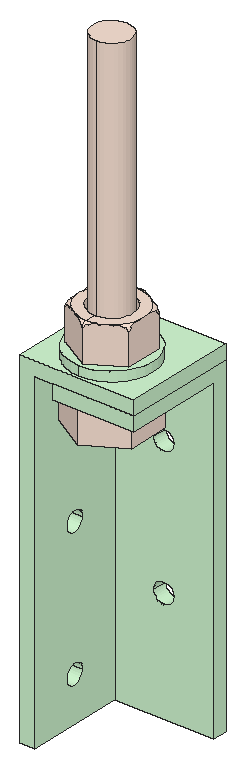
Revit family "ブレースエッジボルト", category 機械設備, Revit 2020
Family settings
  丸型コネクタ寸法 = 直径を使用
  種別 = なし
  パーツ タイプ = 標準
  作業面ベース = いいえ
  常に垂直 = はい
  ロード時にボイドで切り取り = いいえ
  共有 = いいえ
  部屋計算ポイント = いいえ
Parameters
  製造元 = "株式会社桐井製作所"
  既定の高さ = 0 mm
  URL = "https://www.kirii.co.jp/"
  K_品名 = "ブレースエッジボルト"
  K_名称 = "斜め部材(ブレース)上部取付金具"
  K_備考 = "対象組み合わせパーツ:BKGスライドⅡ"
  K_バージョン情報 = "20250901"
Reference planes
  plane 1 "中心(正面/背面)": y = 0
  plane 2: z = 0
  plane 3 "中心(左/右)": x = 0
Forms (mm)
  Extrusion 1, void
    sketch origin (0, -5.5, 0) x (1, 0, 0) y (0, 1, 0)
      loop
        circle (0, -10) r 5
    from 69.774 to 73
  Extrusion 2, solid
    sketch origin (-12.5, -210.801, -44.148) x (0, 1, 0) y (0, 0, 1)
      loop
        line (210.801, 117.148) -> (185.801, 117.148) -> (185.801, 113.948) -> (207.601, 113.948) -> (207.601, 44.148) -> (210.801, 44.148) -> (210.801, 117.148)
    from 3.2 to 25
  Extrusion 3, solid
    sketch origin (-38.604, 0, -1.985) x (1, 0, 0) y (0, 0, 1)
      loop
        line (26.104, 1.985) -> (29.304, 1.985) -> (29.304, 74.985) -> (51.104, 74.985) -> (51.104, 78.185) -> (26.104, 78.185) -> (26.104, 1.985)
    from 0 to 25
  Extrusion 4, void
    sketch origin (0, 0, -1.985) x (1, 0, 0) y (0, 0, 1)
      loop
        line (-9.3, 74.985) -> (-9.3, 71.759) -> (-5.3, 71.759) -> (-5.3, 74.985) -> (-9.3, 74.985)
    from 3.2 to 25
  Extrusion 5, void
    sketch origin (0, 0, -1.985) x (1, 0, 0) y (0, 0, 1)
      loop
        circle (1.6, 26.754) r 2.277
      loop
        circle (1.6, 56.785) r 2.254
    from 0 to 3.2
  Extrusion 6, void
    sketch origin (0, 0, 0) x (0, 1, 0) y (0, 0, 1)
      loop
        circle (-14.1, 39.8) r 2.25
      loop
        circle (-14.1, 9.8) r 2.25
    from -12.5 to -9.3
Cuts and joins
  Extrusion 1, Extrusion 4, Extrusion 5 cuts Extrusion 2
  Extrusion 1, Extrusion 6 cuts Extrusion 3
Dimensions and locks
  aligned and locked: level to plane 2
Nested families
  nested 1: "平座金(M10用）" at (0, -15.5, 78.2) x (0, 1, 0) z (1, 0, 0), type "平座金(M10用）"
  nested 2: "ナット" at (0, -15.5, 78.2) x (0, -1, 0) z (0, 0, 1), type "ナット"
  nested 3: "M10×70ボルト" at (0, -15.5, 62.8) x (0, -1, 0) z (1, 0, 0), type "M10×70ボルト"
Definition of nested family "平座金(M10用）"
  Parameters (values of type "平座金(M10用）")
    Manufacturer = "株式会社桐井製作所"
    Default Elevation = 0 mm
    URL = "https://www.kirii.co.jp/"
    K_名称 = "平座金（M10 用)）"
  Reference planes
    plane 1 "中心(正面/背面)": y = 0
    plane 2: z = 0
    plane 3 "中心(左/右)": x = 0
  Forms (mm)
    Extrusion 1, solid
      sketch origin (0, 0, 0) x (1, 0, 0) y (0, 0, 1)
        loop
          circle (0, 0) r 9
        loop
          circle (0, 0) r 5.25
      from 0 to 2
  Dimensions and locks
    aligned and locked: level to plane 2
Definition of nested family "ナット"
  Parameters (values of type "ナット")
    Default Elevation = 1219.2 mm
  Reference planes
    plane 1 "中心(正面/背面)": y = 0
    plane 2: z = 0
    plane 3 "中心(左/右)": x = 0
  Forms (mm)
    Extrusion 1, solid
      sketch origin (0, 0, 0) x (1, 0, 0) y (0, 1, 0)
        loop
          line (-55, 45) -> (-55, -45.273) -> (55.986, -45.273) -> (55.986, 45) -> (-55, 45)
      from 0 to -304.8
    Revolve 2, solid
      sketch origin (0, 0, 2.36) x (1, 0, 0) y (0, 0, 1)
        loop
          arc (8.083, 4.64) -> (7.781, 5.356) -> (7.057, 5.64) r 1
          line (7.057, 5.64) -> (4.765, 5.64) -> (4.765, -2.36) -> (8.083, -2.36) -> (8.083, 4.64)
        axis (0, 5.64) -> (0, -2.36)
      angle from 0 to 360
    Extrusion 3, void
      sketch origin (0, 0, 0) x (1, 0, 0) y (0, 1, 0)
        loop
          line (8.083, 0) -> (4.041, 7) -> (-4.041, 7) -> (-8.083, 0) -> (-4.041, -7) -> (4.041, -7) -> (8.083, 0)
        loop
          circle (0, 0) r 8.42
      from 0 to 8.277
  Cuts and joins
    Extrusion 3 cuts Revolve 2
  Dimensions and locks
    aligned and locked: plane 2 to Extrusion 1
    aligned and locked: level to Extrusion 1
Definition of nested family "M10×70ボルト"
  Parameters (values of type "M10×70ボルト")
    Manufacturer = "株式会社桐井製作所"
    Default Elevation = 0 mm
    URL = "https://www.kirii.co.jp/"
    K_材料規格 = "M10×L60"
    K_品名 = "M10×60ボルト"
    K_名称 = "M10×60ボルト"
    K_備考 = "KIRIIアングルクランプ付属品"
  Reference planes
    plane 1 "中心(正面/背面)": y = 0
    plane 2: z = 0
    plane 3 "中心(左/右)": x = 0
    plane 4: x = 8
    plane 5: x = -8
    plane 6 "正面": y = -7
    plane 7: z = 8
    plane 8: z = -8
  Forms (mm)
    Extrusion 1, solid
      sketch origin (0, 0, 0) x (1, 0, 0) y (0, 0, 1)
        loop
          line (-4.619, 8) -> (-9.238, 0) -> (-4.619, -8) -> (4.619, -8) -> (9.238, 0) -> (4.619, 8) -> (-4.619, 8)
      from 0 to 7
    Extrusion 2, solid
      sketch origin (0, 0, 25.676) x (1, 0, 0) y (0, 0, 1)
        loop
          circle (0, -25.676) r 4.1
      from 7 to 77
  Cuts and joins
    joined: Extrusion 1, Extrusion 2
  Lines and regions (mm)
    model lines
      curve 1: circle (0, 0, 0) r 8 normal (0, -1, 0)
  Dimensions and locks
    aligned and locked: level to plane 2
